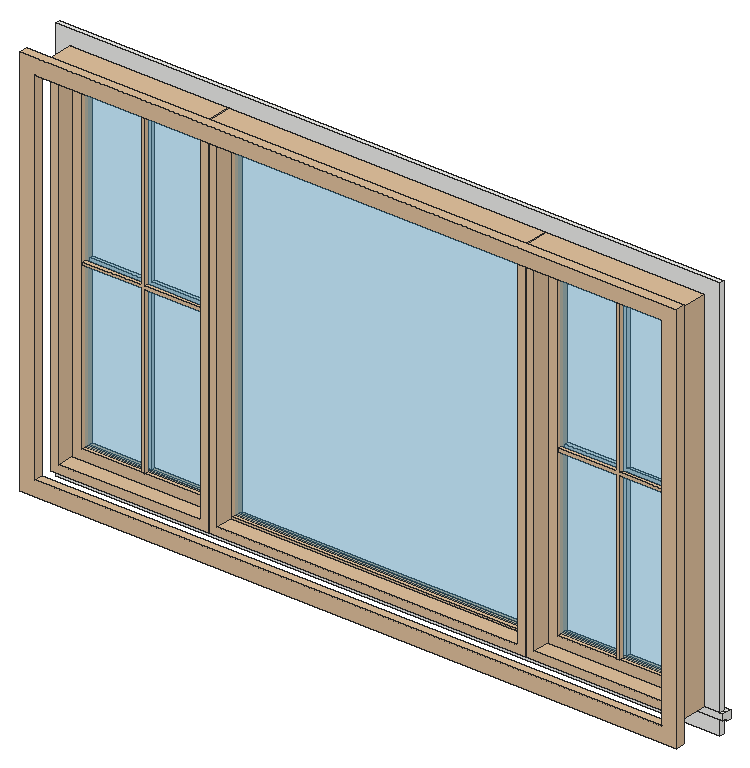
Revit family "Existing Living Room Front Window_Complete", category Windows, host Wall, Revit 2021 (continued)
Definition of nested family "Window-Casement-Single_Right"
  Definition of nested family "Trim-Window-Exterior-Flat"
    Forms (in)
      Extrusion 1, solid
        from 0 to -12
      Extrusion 2, solid, material <- "Trim Material", visible <- "Sill"
        sketch origin (0, 0, 0) x (1, 0, 0) y (0, 1, 0)
          loop
            line (-14.25, -36) -> (-12, -36) -> (-12, 0) -> (12, 0) -> (12, -36) -> (14.25, -36) -> (14.25, 2.25) -> (-14.25, 2.25) -> (-14.25, -36)
        from 0 to 0.75
      Extrusion 3, solid, material <- "Trim Material", visible <- "Sill"
        sketch origin (0, 0, 0) x (0, 1, 0) y (0, 0, 1)
          loop
            line (-36.09677, 1.5) -> (-37.25, 1.5) -> (-37.25, 0.75) -> (-36.87332, 0.75) -> (-36.87332, 0) -> (-36, 0) -> (-36, 0.75) -> (-36.09677, 1.5)
        from -14.75 to 14.75
      Extrusion 4, solid, material <- "Trim Material", visible <- "Sill"
        sketch origin (0, 0, 0) x (1, 0, 0) y (0, 1, 0)
          loop
            line (-14.25, -36.87332) -> (-14.25, -39.12332) -> (14.25, -39.12332) -> (14.25, -36.87332) -> (-14.25, -36.87332)
        from 0 to 0.75
      Extrusion 5, solid, material <- "Trim Material", visible <- "Picture Frame"
        sketch origin (0, 0, 0) x (1, 0, 0) y (0, 1, 0)
          loop
            line (-12, 0) -> (-12, -36) -> (12, -36) -> (12, 0) -> (-12, 0)
          loop
            line (-14.25, 2.25) -> (-14.25, -38.25) -> (14.25, -38.25) -> (14.25, 2.25) -> (-14.25, 2.25)
        from 0 to 1.25
    Dimensions and locks (in)
      equal spacing: plane 5 "Left", plane 3 "Center (Left/Right)", plane 6 "Right"
      "Opening Width": plane 5 "Left" to plane 6 "Right"
      "Opening Height": plane 7 "Bottom" to plane 1 "Center (Front/Back)"
      "Sill Thickness": plane 7 "Bottom" to plane 8
      "Trim Width": plane 11 to plane 5 "Left"
      "Trim Width": plane 6 "Right" to plane 10
      "Trim Width": plane 1 "Center (Front/Back)" to plane 4
      locked: plane 15 to plane 11 at 0.5
      locked: plane 10 to plane 14 at 0.5
      locked: plane 16 to plane 8 at 0.37668
      "Trim Width": plane 9 to plane 16
      "Trim Width": plane 17 to plane 7 "Bottom"
      locked: plane 18 to plane 2 at 0.5
      equal spacing: plane 7 "Bottom", plane 19, plane 1 "Center (Front/Back)"
      locked: plane 20 to plane 12 at 0.75
      "Trim Thickness_with Sill": plane 12 to plane 2
      "Trim Thickness_Picture Frame": plane 13 to plane 2
      aligned and locked: plane 2 to Extrusion 1
      aligned and locked: level to Extrusion 1
      aligned and locked: Extrusion 2 sketch curve to plane 5 "Left"
      aligned and locked: Extrusion 2 sketch curve to plane 11
      aligned and locked: plane 7 "Bottom" to Extrusion 2 sketch curve  (x2)
      aligned and locked: plane 1 "Center (Front/Back)" to Extrusion 2 sketch curve
      aligned and locked: plane 10 to Extrusion 2 sketch curve
      aligned and locked: Extrusion 2 sketch curve to plane 6 "Right"
      aligned and locked: plane 12 to Extrusion 2
      aligned and locked: Extrusion 3 sketch curve to level
      aligned and locked: plane 7 "Bottom" to Extrusion 3 sketch curve
      aligned and locked: Extrusion 3 sketch curve to plane 8
      aligned and locked: plane 15 to Extrusion 3
      aligned and locked: Extrusion 3 to plane 14
      aligned and locked: plane 10 to Extrusion 4 sketch curve
      aligned and locked: Extrusion 4 sketch curve to plane 11
      aligned and locked: plane 16 to Extrusion 4 sketch curve
      aligned and locked: plane 9 to Extrusion 4 sketch curve
      aligned and locked: Extrusion 4 to Extrusion 2
      aligned and locked: Extrusion 2 sketch curve to plane 4
      aligned and locked: plane 1 "Center (Front/Back)" to Extrusion 5 sketch curve
      aligned and locked: Extrusion 5 sketch curve to plane 4
      aligned and locked: Extrusion 5 sketch curve to plane 17
      aligned and locked: plane 7 "Bottom" to Extrusion 5 sketch curve
      aligned and locked: Extrusion 5 sketch curve to plane 6 "Right"
      aligned and locked: plane 10 to Extrusion 5 sketch curve
      aligned and locked: Extrusion 5 sketch curve to plane 5 "Left"
      aligned and locked: Extrusion 5 sketch curve to plane 11
      aligned and locked: plane 13 to Extrusion 5
      aligned and locked: plane 20 to Extrusion 3
    Automatic sketch dimensions
      Extrusion 1 sketch curve to Extrusion 1 sketch curve = 2' - 4 1/2"
      Extrusion 1 sketch curve to Extrusion 1 sketch curve = 3' - 5.37332"
      Extrusion 3 sketch curve to plane 16 = 0' - 0"
      Extrusion 3 sketch curve to plane 12 = 0' - 0"  (x2)
      Extrusion 3 sketch curve to plane 7 "Bottom" = 0' - 0.09677"
      plane 13 to Extrusion 3 sketch curve = 0' - 0 1/4"
  Definition of nested family "Trim-Window-Interior-Flat"
    Parameters (values of type "with Sill")
      Trim Thickness_Picture Frame = 0' - 1 1/4"
      Trim Width = 0' - 2 1/4"
      Trim Thickness_with Sill = 0' - 0 3/4"
      Trim Material [instance] = none
      Sill Thickness = 0' - 1 1/4"
      Sill = yes
      Picture Frame = no
      Opening Width [instance] = 2' - 0"
      Opening Height [instance] = 3' - 0"
      Default Elevation = 4' - 0"
    Types (2): name | Sill | Picture Frame
      with Sill | yes | no
      Picture Frame | no | yes
    Reference planes (in)
      plane 1 "Center (Front/Back)": y = 0
      plane 2: z = 0
      plane 3 "Center (Left/Right)": x = 0
      plane 4: y = 1.75
      plane 5 "Left": x = -12
      plane 6 "Right": x = 12
      plane 7 "Bottom": y = -36
      plane 8: y = -37.25
      plane 9: y = -39.12332
      plane 10: x = 13.75
      plane 11: x = -13.75
      plane 12: z = 0.75
      plane 13: z = 1.25
      plane 14: x = 14.25
      plane 15: x = -14.25
      plane 16: y = -36.87332
      plane 17: y = -37.75
      plane 18: z = 0.5
      plane 19: x = -11.5
      plane 20: y = -0.5
      plane 21: x = 11.5
      plane 22: y = -35.5
      plane 23: x = -13.25
      plane 24: x = 13.25
      plane 25: y = -18
    Forms (in)
      Extrusion 1, solid
        sketch origin (0, 0, 0) x (1, 0, 0) y (0, 1, 0)
          loop
            line (-13.75, 1.75) -> (-13.75, -37.75) -> (13.75, -37.75) -> (13.75, 1.75) -> (-13.75, 1.75)
        from 0 to -12
      Extrusion 2, solid, material <- "Trim Material", visible <- "Sill"
        sketch origin (0, 0, 0) x (1, 0, 0) y (0, 1, 0)
          loop
            line (-13.25, -36) -> (-11.5, -36) -> (-11.5, 0) -> (11.5, 0) -> (11.5, -36) -> (13.25, -36) -> (13.25, 1.75) -> (-13.25, 1.75) -> (-13.25, -36)
        from 0 to 0.75
      Extrusion 3, solid, material <- "Trim Material", visible <- "Sill"
        sketch origin (0, 0, 0) x (0, 1, 0) y (0, 0, 1)
          loop
            line (-36.5, 1.5) -> (-36.87332, 1.5) -> (-36.87332, 0) -> (-36, 0) -> (-36, 1)
            arc (-36, 1) -> (-36.14645, 1.35355) -> (-36.5, 1.5) r 0.5
        from -13.75 to 13.75
      Extrusion 4, solid, material <- "Trim Material", visible <- "Sill"
        sketch origin (0, 0, 0) x (1, 0, 0) y (0, 1, 0)
          loop
            line (-13.25, -36.87332) -> (-13.25, -39.12332) -> (13.25, -39.12332) -> (13.25, -36.87332) -> (-13.25, -36.87332)
        from 0 to 0.75
      Extrusion 5, solid, material <- "Trim Material", visible <- "Picture Frame"
        sketch origin (0, 0, 0) x (1, 0, 0) y (0, 1, 0)
          loop
            line (-11.5, -0.5) -> (-11.5, -35.5) -> (11.5, -35.5) -> (11.5, -0.5) -> (-11.5, -0.5)
          loop
            line (-13.75, 1.75) -> (-13.75, -37.75) -> (13.75, -37.75) -> (13.75, 1.75) -> (-13.75, 1.75)
        from 0 to 1.25
    Dimensions and locks (in)
      equal spacing: plane 5 "Left", plane 3 "Center (Left/Right)", plane 6 "Right"
      "Opening Width": plane 5 "Left" to plane 6 "Right"
      "Opening Height": plane 7 "Bottom" to plane 1 "Center (Front/Back)"
      "Sill Thickness": plane 7 "Bottom" to plane 8
      "Trim Width": plane 11 to plane 19
      "Trim Width": plane 21 to plane 10
      "Trim Width": plane 20 to plane 4
      "Trim Thickness_with Sill": plane 12 to plane 2
      locked: plane 15 to plane 11 at 0.5
      locked: plane 10 to plane 14 at 0.5
      locked: plane 16 to plane 8 at 0.37668
      "Trim Width": plane 9 to plane 16
      "Trim Width": plane 17 to plane 22
      plane 20 to plane 1 "Center (Front/Back)" = 0' - 0 1/2"
      plane 5 "Left" to plane 19 = 0' - 0 1/2"
      plane 21 to plane 6 "Right" = 0' - 0 1/2"
      plane 22 to plane 7 "Bottom" = 0' - 0 1/2"
      locked: plane 11 to plane 23 at 0.5
      locked: plane 24 to plane 10 at 0.5
      equal spacing: plane 7 "Bottom", plane 25, plane 1 "Center (Front/Back)"
      "Trim Thickness_Picture Frame": plane 13 to plane 2
      locked: Extrusion 3 to plane 12 at 0.75
      locked: plane 12 to Extrusion 3 sketch curve at 0.75
      radius of Extrusion 3 sketch curve = 0' - 0 1/2"
      aligned and locked: plane 2 to Extrusion 1
      aligned and locked: level to Extrusion 1
      aligned and locked: plane 7 "Bottom" to Extrusion 2 sketch curve  (x2)
      aligned and locked: plane 1 "Center (Front/Back)" to Extrusion 2 sketch curve
      aligned and locked: plane 12 to Extrusion 2
      aligned and locked: Extrusion 3 sketch curve to level
      aligned and locked: plane 7 "Bottom" to Extrusion 3 sketch curve
      aligned and locked: plane 16 to Extrusion 4 sketch curve
      aligned and locked: plane 9 to Extrusion 4 sketch curve
      aligned and locked: Extrusion 2 sketch curve to plane 4
      aligned and locked: Extrusion 5 sketch curve to plane 4
      aligned and locked: Extrusion 5 sketch curve to plane 17
      aligned and locked: plane 10 to Extrusion 5 sketch curve
      aligned and locked: Extrusion 5 sketch curve to plane 11
      aligned and locked: plane 13 to Extrusion 5
      aligned and locked: Extrusion 5 sketch curve to plane 20
      aligned and locked: Extrusion 5 sketch curve to plane 19
      aligned and locked: Extrusion 5 sketch curve to plane 21
      aligned and locked: plane 22 to Extrusion 5 sketch curve
      aligned and locked: Extrusion 4 to plane 24
      aligned and locked: plane 11 to Extrusion 3
      aligned and locked: Extrusion 3 to plane 10
      aligned and locked: Extrusion 2 sketch curve to plane 21
      aligned and locked: Extrusion 2 sketch curve to plane 24
      aligned and locked: Extrusion 2 sketch curve to plane 19
      aligned and locked: Extrusion 2 sketch curve to plane 23
      aligned and locked: plane 12 to Extrusion 4
    Automatic sketch dimensions
      Extrusion 1 sketch curve to Extrusion 1 sketch curve = 2' - 3 1/2"
      Extrusion 1 sketch curve to Extrusion 1 sketch curve = 3' - 3 1/2"
      Extrusion 3 sketch curve to plane 16 = 0' - 0"
      Extrusion 4 sketch curve to plane 11 = 0' - 0 1/2"
      Extrusion 4 sketch curve to plane 24 = 0' - 0"
  Definition of nested family "Plan-Casement"
    Parameters (values of type "Plan-Casement")
      Window Inset [instance] = 0' - 1"
      Window Inset of 3D [instance] = if(Window Inset - 0' 0 1/2" < 0' 0", 0' 0", if(Window Inset - 0' 0 1/2" < Wall Thickness - 0' 3 1/2", Window Inset - 0' 0 1/2", Wall Thickness - 0' 3 1/2"))  # 0' - 0 1/2"
      Width [instance] = 4' - 0"
      Wall Thickness [instance] = 0' - 6"
      Top Line [instance] = yes
      Right Line [instance] = yes
      RH [instance] = yes
      Left Line [instance] = yes
      LH [instance] = yes
      Height [instance] = 3' - 0"
      Default Elevation = 4' - 0"
      Bottom Line [instance] = yes
      Analytic Construction = "<None>"
    Reference planes (in)
      plane 1 "Center (Front/Back)": y = 0
      plane 2: z = 0
      plane 3 "Center (Left/Right)": x = 0
      plane 4: x = -24
      plane 5: x = 24
      plane 6 "Jamb": y = -4
      plane 7: x = -23.5
      plane 8: x = -22.75
      plane 9: y = -0.5
      plane 10: y = -2.25
      plane 11: y = -1.375
      plane 12: x = -21.25
      plane 13: x = 23.5
      plane 14: x = 22.75
      plane 15: x = 21.25
      plane 16 "Window Inset": y = -1
      plane 17 "Wall": y = -6
      plane 18: z = 36
      plane 19: z = 35.5
      plane 20: z = 0.5
      plane 21: z = 34.75
      plane 22: z = 1.25
      plane 23: z = 33.25
      plane 24: z = 2.75
    Lines and regions (in)
      Masking region 1
        outline origin (0, 0.75, 0) x (1, 0, 0) y (0, 1, 0)
          loop
            line (-24, -0.75) -> (-24, -6.75) -> (24, -6.75) -> (24, -0.75) -> (-24, -0.75)
      Masking region 2
        outline origin (0, 0, 0) x (0, 1, 0) y (0, 0, 1)
          loop
            line (0, 36) -> (-6, 36) -> (-6, 0) -> (0, 0) -> (0, 36)
      symbolic lines
        curve 1: line (-23.5, -2.25, 0) -> (-22.75, -2.25, 0)
        curve 2: line (-22.75, -2.25, 0) -> (-22.75, -4, 0)
        curve 3: line (-23.5, -0.5, 0) -> (-23.5, -2.25, 0)
        curve 4: line (-21.25, -0.5, 0) -> (-21.25, -2.25, 0)
        curve 5: line (-21.25, -2.25, 0) -> (-22.75, -2.25, 0)
        curve 6: line (-21.25, -1.375, 0) -> (21.25, -1.375, 0)
        curve 7: line (23.5, -2.25, 0) -> (22.75, -2.25, 0)
        curve 8: line (22.75, -2.25, 0) -> (22.75, -4, 0)
        curve 9: line (23.5, -0.5, 0) -> (23.5, -2.25, 0)
        curve 10: line (21.25, -0.5, 0) -> (21.25, -2.25, 0)
        curve 11: line (21.25, -2.25, 0) -> (22.75, -2.25, 0)
        curve 14: line (-24, -4, 0) -> (-22.75, -4, 0)
        curve 15: line (22.75, -4, 0) -> (24, -4, 0)
        curve 16: line (22.75, -4, 0) -> (-22.75, -4, 0)
        curve 17: line (0, -0.5, 35.5) -> (0, -2.25, 35.5)
        curve 18: line (0, -2.25, 34.75) -> (0, -4, 34.75)
        curve 19: line (0, -0.5, 0.5) -> (0, -2.25, 0.5)
        curve 20: line (0, -2.25, 0.5) -> (0, -2.25, 2.75)
        curve 21: line (0, -2.25, 1.25) -> (0, -4, 1.25)
        curve 22: line (0, -0.5, 36) -> (0, -0.5, 33.25)
        curve 23: line (0, -0.5, 33.25) -> (0, -2.25, 33.25)
        curve 24: line (0, -2.25, 2.75) -> (0, -0.5, 2.75)
        curve 25: line (0, -1.375, 2.75) -> (0, -1.375, 33.25)
        curve 28: line (0, -2.25, 35.5) -> (0, -2.25, 33.25)
        curve 29: line (21.25, -0.5, 0) -> (24, -0.5, 0)
        curve 30: line (-21.25, -0.5, 0) -> (-24, -0.5, 0)
        curve 31: line (0, -0.5, 2.75) -> (0, -0.5, 0)
        curve 32: line (-21.25, -0.5, 0) -> (21.25, -0.5, 0)
        curve 33: line (0, -0.5, 33.25) -> (0, -0.5, 2.75)
        curve 38: line (0, -4, 1.25) -> (0, -4, 34.75)
        curve 39: line (0, -4, 1.25) -> (0, -4, 0)
        curve 40: line (0, -4, 36) -> (0, -4, 34.75)
      symbolic lines, visible <- "RH"
        curve 12: arc (-23.5, -0.5, 0) -> (-19.92234, 17.48612, 0) -> (-9.73402, 32.73402, 0) r 47
        curve 26: line (23.5, -0.5, 0) -> (-9.73402, 32.73402, 0)
      symbolic lines, visible <- "LH"
        curve 13: line (-23.5, -0.5, 0) -> (9.73402, 32.73402, 0)
        curve 27: arc (23.5, -0.5, 0) -> (19.92234, 17.48612, 0) -> (9.73402, 32.73402, 0) r 47
      symbolic lines, visible <- "Right Line"
        curve 34: line (24, 0, 0) -> (24, -6, 0)
      symbolic lines, visible <- "Left Line"
        curve 35: line (-24, 0, 0) -> (-24, -6, 0)
      symbolic lines, visible <- "Top Line"
        curve 36: line (0, 0, 36) -> (0, -6, 36)
      symbolic lines, visible <- "Bottom Line"
        curve 37: line (0, 0, 0) -> (0, -6, 0)
    Dimensions and locks (in)
      "Width": plane 4 to plane 5
      equal spacing: plane 4, plane 3 "Center (Left/Right)", plane 5
      plane 4 to plane 7 to plane 8 = 0' - 0 1/2" locked, 0' - 0 3/4" locked
      equal spacing: plane 9, plane 11, plane 10
      locked: plane 7 to plane 12 at 2.25
      plane 5 to plane 13 to plane 14 = 0' - 0 1/2" locked, 0' - 0 3/4" locked
      locked: plane 13 to plane 15 at 2.25
      locked: plane 9 to plane 16 "Window Inset" at 0.5
      locked: plane 9 to plane 10 at 1.75
      "Wall Thickness": plane 17 "Wall" to plane 1 "Center (Front/Back)"
      "Height": plane 18 to plane 2
      locked: plane 18 to plane 19 at 0.5
      locked: plane 20 to plane 2 at 0.5
      locked: plane 19 to plane 21 at 0.75
      locked: plane 22 to plane 20 at 0.75
      locked: plane 19 to plane 23 at 2.25
      locked: plane 24 to plane 20 at 2.25
      locked: plane 10 to plane 6 "Jamb" at 1.75
      "Window Inset of 3D": plane 9 to plane 1 "Center (Front/Back)"
      locked: plane 9 to curve 13 (angle 45.00°)
      angle curve 26 to plane 16 "Window Inset" = 45.00°
      aligned and locked: plane 2 to level
      aligned and locked: curve 2 to plane 8
      aligned and locked: curve 1 to plane 10
      aligned and locked: plane 14 to curve 8
      aligned and locked: curve 14 to plane 6 "Jamb"
      aligned and locked: curve 15 to plane 6 "Jamb"
      aligned and locked: plane 21 to curve 18
      aligned and locked: plane 19 to curve 17
      aligned and locked: plane 22 to curve 21
      aligned and locked: plane 10 to curve 20
      aligned and locked: plane 20 to curve 19
      aligned and locked: curve 22 to plane 9
      aligned and locked: plane 23 to curve 23
      aligned and locked: curve 24 to plane 24
      aligned and locked: plane 11 to curve 25
      aligned and locked: plane 13 to curve 27
      aligned and locked: plane 9 to curve 13
      aligned and locked: plane 9 to curve 26
      aligned and locked: plane 5 to curve 29
      aligned and locked: plane 18 to curve 22
      aligned and locked: plane 9 to curve 17
      aligned and locked: plane 9 to curve 19
      aligned and locked: plane 9 to curve 3
      aligned and locked: plane 9 to curve 9
      aligned and locked: curve 28 to plane 10
      aligned and locked: plane 19 to curve 28
      aligned and locked: plane 23 to curve 28
      aligned and locked: plane 4 to curve 30
      aligned and locked: plane 9 to curve 31
      aligned and locked: plane 2 to curve 31
      aligned and locked: curve 32 to plane 9
      aligned and locked: plane 12 to curve 32
      aligned and locked: plane 15 to curve 32
      aligned and locked: plane 24 to curve 33
      aligned and locked: plane 1 "Center (Front/Back)" to curve 34
      aligned and locked: plane 17 "Wall" to curve 34
      aligned and locked: curve 34 to plane 5
      aligned and locked: plane 17 "Wall" to curve 35
      aligned and locked: plane 1 "Center (Front/Back)" to curve 35
      aligned and locked: curve 35 to plane 4
      aligned and locked: plane 17 "Wall" to curve 37
      aligned and locked: plane 1 "Center (Front/Back)" to curve 37
      aligned and locked: curve 37 to plane 2
      aligned and locked: plane 17 "Wall" to curve 36
      aligned and locked: plane 1 "Center (Front/Back)" to curve 36
      aligned and locked: curve 36 to plane 18
      aligned and locked: plane 1 "Center (Front/Back)" to Masking region 1 sketch curve
      aligned and locked: plane 17 "Wall" to Masking region 1 sketch curve
      aligned and locked: plane 4 to Masking region 1 sketch curve
      aligned and locked: Masking region 1 sketch curve to plane 5
      aligned and locked: plane 2 to Masking region 2 sketch curve
      aligned and locked: Masking region 2 sketch curve to plane 18
      aligned and locked: plane 1 "Center (Front/Back)" to Masking region 2 sketch curve
      aligned and locked: plane 17 "Wall" to Masking region 2 sketch curve
      aligned and locked: plane 6 "Jamb" to curve 21
      aligned and locked: plane 6 "Jamb" to curve 18
      aligned and locked: plane 10 to curve 18
      aligned and locked: plane 10 to curve 21
      aligned and locked: plane 22 to curve 39
      aligned and locked: plane 21 to curve 40
      aligned and locked: plane 6 "Jamb" to curve 40
    Automatic sketch dimensions
      curve 3 to plane 7 = 0' - 0"
      curve 27 to plane 7 = 0' - 0"
      curve 12 to plane 13 = 0' - 0"
      curve 7 to plane 10 = 0' - 0"
      curve 6 to plane 11 = 0' - 0"
Definition of nested family "Window-Casement-Single_Left"
  Parameters (values of type "24" x 36"")
    Window Inset [instance] = 0' - 0"
    Wall Thickness [instance] = 0' - 6"
    Visual Light Transmittance = 0.81
    Thermal Resistance (R) = 1.8146 (h·ft²·°F)/BTU
    Solar Heat Gain Coefficient = 0.76
    Rough Width = Width + 0' 0 1/2"  # 2' - 0 1/2"
    Rough Height = Height + 0' 0 1/2"  # 3' - 0 1/2"
    Muntin Visibility = yes
    Muntin Pattern = Muntin Pattern_2x2 : Muntin Pattern_2x2
    Interior Wall Closure [instance] = 0' - 2 1/4"
    Interior Trim Visibility [instance] = yes
    Interior Trim Material = none
    Interior Trim = Trim-Window-Interior-Flat : Picture Frame
    Height = 3' - 0"
    Interior Frame Material = none
    Heat Transfer Coefficient (U) = 0.5511 BTU/(h·ft²·°F)
    Glass Panel Material = none
    Frame Extension [instance] = if(Exterior Trim Visibility, Window Inset + 0' 0 1/4", 0' 0 1/4")  # 0' - 0 1/4"
    Fire Rating = "0.5h"
    Exterior Wall Closure [instance] = 0' - 1 1/4"
    Exterior Trim Visibility [instance] = yes
    Exterior Trim Material = none
    Exterior Trim = Trim-Window-Exterior-Flat : with Sill
    Exterior Frame Material = none
    Extension Jamb Visibility [instance] = and(Interior Trim Visibility, Wall Thickness - Window Inset > 0' 3 3/4")  # yes
    Extension Jamb [instance] = if(Wall Thickness - Window Inset > 0' 3 3/4", Wall Thickness - Window Inset - 0' 3 3/4", 0' 1")  # 0' - 2 1/4"
    Default Sill Height = 3' - 0"
    Wall Closure = (empty or 0)
    Width = 2' - 0"
    Assembly Code = "B2020100"
    Analytic Construction = "Double glazing - domestic"
  Reference planes (in)
    plane 1 "Center (Front/Back)": y = 0
    plane 2: z = 0
    plane 3 "Center (Left/Right)": x = 0
    plane 4 "Left": x = -12
    plane 5 "Right": x = 12
    plane 6 "Sill": z = 36
    plane 7 "Top": z = 72
    plane 8 "Inset Face": y = 3
    plane 9 "Wall Closure": y = -0.75
    plane 10 "Sash Face": y = 3.5
    plane 11 "Exterior": y = 3
    plane 12: x = 11.5
    plane 13: x = -11.5
    plane 14: z = 71.5
    plane 15: z = 36.5
    plane 16: x = 9.25
    plane 17: x = -9.25
    plane 18: z = 69.25
    plane 19: z = 38.75
    plane 20: y = 2.25
    plane 21 "Glass": y = 2.625
    plane 22 "Middle": z = 54
    plane 23: y = 3.75
    plane 24: y = 3.75
    plane 25 "Interior": y = -3
    plane 26 "Jamb": y = -0.75
    plane 27: y = -0.75
    plane 28: y = 1.75
    plane 29: y = 3.75
  Forms (in)
    Sweep 1, solid, material <- "Interior Frame Material"
      path origin (0, 3.5, 0) x (-1, 0, 0) y (0, 0, 1)
        loop
          line (-12, 36) -> (12, 36) -> (12, 72) -> (-12, 72) -> (-12, 36)
      profile origin (12, 3.5, 54) x (1, 0, 0) y (0, 1, 0)
        loop
          line (0, 0.25) -> (-0.5, 0.25) -> (-0.5, -1.75) -> (-1.25, -1.75) -> (-1.25, -4.25) -> (0, -4.25) -> (0, 0.25)
    Extrusion 2, solid, material <- "Interior Frame Material", visible <- "Extension Jamb Visibility"
      sketch origin (0, 0, 0) x (1, 0, 0) y (0, 0, 1)
        loop
          line (12, 72) -> (-12, 72) -> (-12, 36) -> (12, 36) -> (12, 72)
        loop
          line (11.25, 36.75) -> (11.25, 71.25) -> (-11.25, 71.25) -> (-11.25, 36.75) -> (11.25, 36.75)
      from 0.75 to 3
    Sweep 3, solid, material <- "Interior Frame Material"
      path origin (0, 3.5, 0) x (-1, 0, 0) y (0, 0, 1)
        loop
          line (-11.5, 36.5) -> (11.5, 36.5) -> (11.5, 71.5) -> (-11.5, 71.5) -> (-11.5, 36.5)
      profile origin (11.5, 3.5, 54) x (1, 0, 0) y (0, 1, 0)
        loop
          line (0, 0) -> (-2.25, 0) -> (-2.25, -1.75) -> (0, -1.75) -> (0, 0)
    Extrusion 4, solid
      sketch origin (-27.625, 0, 36) x (0, -1, 0) y (1, 0, 0)
        loop
          line (-3, 18.375) -> (-2.75, 18.375) -> (-2.75, 36.875) -> (-3, 36.875) -> (-3, 18.375)
        loop
          line (-2.25, 36.875) -> (-2.5, 36.875) -> (-2.5, 18.375) -> (-2.25, 18.375) -> (-2.25, 36.875)
      from 2.75 to 33.25
  Lines and regions (in)
    Opening 1
      outline origin (-60, -3, 0) x (1, 0, 0) y (0, 0, 1)
        loop
          line (48, 72) -> (48, 36) -> (72, 36) -> (72, 72) -> (48, 72)
    Split face 1
      outline origin (-9.25, 1.75, 38.75) x (1, 0, 0) y (0, 1, 0)
        loop
          line (0, 1.25) -> (18.5, 1.25)
    Split face 2
      outline origin (9.25, 1.75, 38.75) x (0, 0, 1) y (0, 1, 0)
        loop
          line (30.5, 1.25) -> (0, 1.25)
    Split face 3
      outline origin (-9.25, 1.75, 69.25) x (0, 0, -1) y (0, 1, 0)
        loop
          line (30.5, 1.25) -> (0, 1.25)
    Split face 4
      outline origin (9.25, 1.75, 69.25) x (0, 1, 0) y (-1, 0, 0)
        loop
          line (1.25, 18.5) -> (1.25, 0)
    symbolic lines
      curve 1: line (-11.5, 0, 54) -> (11.5, 0, 36.5)
      curve 2: line (-11.5, 0, 54) -> (11.5, 0, 71.5)
  Text (in)
    text "EXTERIOR" at (-58.6888, 50.90694, 0), in view "Ref. Level"
    text "INTERIOR" at (-58.6888, -37.76638, 0), in view "Ref. Level"
    text "Exterior" at (0, 43.65631, 123.19604), in view "Left"
    text "Exterior" at (0, 18.29385, 125.04747), in view "Right"
  Dimensions and locks (in)
    equal spacing: plane 4 "Left", plane 3 "Center (Left/Right)", plane 5 "Right"
    "Width": plane 4 "Left" to plane 5 "Right"
    "Height": plane 6 "Sill" to plane 7 "Top"
    "Default Sill Height": plane 2 to plane 6 "Sill"
    locked: plane 10 "Sash Face" to plane 8 "Inset Face" at 0.5
    "Wall Thickness": host wall to host wall
    "Window Inset": plane 11 "Exterior" to plane 8 "Inset Face"
    locked: Sweep 1 sketch curve to plane 5 "Right" at 1.25
    locked: Sweep 1 sketch curve to plane 5 "Right" at 0.5
    locked: plane 10 "Sash Face" to Sweep 1 sketch curve at 1.75
    locked: plane 12 to plane 5 "Right" at 0.5
    locked: plane 4 "Left" to plane 13 at 0.5
    locked: plane 14 to plane 7 "Top" at 0.5
    locked: plane 6 "Sill" to plane 15 at 0.5
    locked: plane 16 to plane 12 at 2.25
    locked: plane 13 to plane 17 at 2.25
    locked: plane 18 to plane 14 at 2.25
    locked: plane 15 to plane 19 at 2.25
    locked: Extrusion 2 sketch curve to plane 7 "Top" at 0.75
    locked: Extrusion 2 sketch curve to plane 5 "Right" at 0.75
    locked: Extrusion 2 sketch curve to plane 4 "Left" at 0.75
    locked: plane 6 "Sill" to Extrusion 2 sketch curve at 0.75
    equal spacing: plane 8 "Inset Face", plane 21 "Glass", plane 20
    locked: plane 8 "Inset Face" to plane 20 at 0.75
    equal spacing: plane 6 "Sill", plane 22 "Middle", plane 7 "Top"
    locked: plane 23 to plane 11 "Exterior" at 0.75
    locked: plane 24 to plane 10 "Sash Face" at 0.25
    "Extension Jamb": plane 26 "Jamb" to plane 25 "Interior"
    locked: plane 8 "Inset Face" to plane 9 "Wall Closure" at 3.75
    "Interior Wall Closure": plane 27 to plane 25 "Interior"
    "Exterior Wall Closure": plane 11 "Exterior" to plane 28
    "Frame Extension": plane 29 to plane 10 "Sash Face"
    aligned and locked: plane 7 "Top" to Opening 1 sketch curve
    aligned and locked: plane 6 "Sill" to Opening 1 sketch curve  (x2)
    aligned and locked: plane 5 "Right" to Opening 1 sketch curve
    aligned and locked: plane 4 "Left" to Opening 1 sketch curve
    aligned and locked: level to plane 2
    aligned and locked: host wall to plane 11 "Exterior"
    aligned and locked: plane 5 "Right" to Sweep 1 sketch curve
    aligned and locked: plane 7 "Top" to Sweep 1 sketch curve
    aligned and locked: Sweep 1 sketch curve to plane 4 "Left"
    aligned and locked: Sweep 1 sketch curve to plane 6 "Sill"
    aligned and locked: Extrusion 2 sketch curve to host wall  (x3)
    aligned and locked: plane 7 "Top" to Extrusion 2 sketch curve
    aligned and locked: host wall to Extrusion 2
    aligned and locked: plane 15 to Sweep 3 sketch curve
    aligned and locked: Sweep 3 sketch curve to plane 13
    aligned and locked: Sweep 3 sketch curve to plane 14
    aligned and locked: Extrusion 4 sketch curve to plane 8 "Inset Face"
    aligned and locked: plane 20 to Extrusion 4 sketch curve
    aligned and locked: Sweep 3 to Extrusion 4 sketch curve  (x2)
    aligned and locked: Extrusion 4 sketch curve to plane 17  (x2)
    aligned and locked: plane 15 to curve 1
    aligned and locked: plane 18 to Extrusion 4
    aligned and locked: Split face 1 sketch curve to Extrusion 4
    aligned and locked: plane 8 "Inset Face" to Split face 2 sketch curve
    aligned and locked: Split face 3 sketch curve to plane 8 "Inset Face"
    aligned and locked: Split face 4 sketch curve to plane 8 "Inset Face"
    aligned and locked: plane 25 "Interior" to host wall
    aligned and locked: plane 26 "Jamb" to Extrusion 2
    aligned and locked: plane 9 "Wall Closure" to Sweep 1
    aligned and locked: nested 1 to plane 4 "Left"
    aligned and locked: plane 11 "Exterior" to nested 1
    aligned and locked: plane 12 to Sweep 3 sketch curve
    aligned and locked: Sweep 1 to curve 1
    aligned and locked: plane 22 "Middle" to curve 2
    aligned and locked: plane 13 to curve 2
    aligned and locked: nested 1 to plane 7 "Top"
    aligned and locked: nested 2 to plane 21 "Glass"
    aligned and locked: plane 19 to nested 2
    aligned and locked: plane 18 to nested 2
    aligned and locked: nested 2 to plane 16
    aligned and locked: nested 2 to plane 17
    aligned and locked: plane 7 "Top" to nested 3
    aligned and locked: nested 3 to plane 3 "Center (Left/Right)"
    aligned and locked: plane 7 "Top" to nested 4
    aligned and locked: plane 3 "Center (Left/Right)" to nested 4
    aligned and locked: plane 29 to Sweep 1 sketch curve
  Automatic sketch dimensions
    Sweep 1 sketch curve to profile plane = 0' - 0"
    Sweep 1 sketch curve to Sweep 1 sketch curve = 0' - 2 1/2"
    Sweep 3 sketch curve to plane 10 "Sash Face" = 0' - 0"
    Sweep 3 sketch curve to profile plane = 0' - 0"
    profile plane to Sweep 3 sketch curve = 0' - 2 1/4"
    Sweep 3 sketch curve to plane 10 "Sash Face" = 0' - 1 3/4"
    plane 21 "Glass" to Extrusion 4 sketch curve = 0' - 0 1/8"
    Extrusion 4 sketch curve to plane 21 "Glass" = 0' - 0 1/8"
    plane 12 to curve 2 = 0' - 0"
    curve 2 to plane 14 = 0' - 0"
    Split face 1 sketch curve to Sweep 3 = 0' - 0"  (x2)
    Split face 2 sketch curve to Sweep 3 = 0' - 0"
    Sweep 3 to Split face 2 sketch curve = 0' - 0"
    Sweep 3 to Split face 3 sketch curve = 0' - 0"
    Split face 3 sketch curve to Sweep 3 = 0' - 0"
    Split face 4 sketch curve to Sweep 3 = 0' - 0"  (x2)
  Nested families (in)
    nested 1: "Plan-Casement" at (0, 3, 36) x (-1, 0, 0) z (0, 0, 1), Width <- "Width", Window Inset <- "Window Inset", Height <- "Height", Wall Thickness <- "Wall Thickness", type "Plan-Casement"
      with Window Inset of 3D 0' - 0", Window Inset 0' - 0", Width 2' - 0", Wall Thickness 0' - 6", Top Line yes, Right Line yes, RH no, Left Line yes, LH yes, Height 3' - 0", Bottom Line yes
    nested 2: "Muntin Pattern_2x2" at (0, 2.625, 38.75), visible <- "Muntin Visibility", Exterior Material <- "Exterior Frame Material", Interior Material <- "Interior Frame Material", type <- "Muntin Pattern", type "Muntin Pattern_2x2"
      with Width 1' - 6 1/2", Interior Material none, Height 2' - 6 1/2", Exterior Material none
    nested 3: "Trim-Window-Exterior-Flat" at (0, 3, 72) x (-1, 0, 0) z (0, 1, 0), visible <- "Exterior Trim Visibility", Trim Material <- "Exterior Trim Material", Opening Width <- "Width", Opening Height <- "Height", type <- "Exterior Trim", type "with Sill"
      with Trim Material none, Opening Width 2' - 0", Opening Height 3' - 0"
    nested 4: "Trim-Window-Interior-Flat" at (0, -3, 72) x (1, 0, 0) z (0, -1, 0), visible <- "Interior Trim Visibility", Trim Material <- "Interior Trim Material", Opening Width <- "Width", Opening Height <- "Height", type <- "Interior Trim", type "Picture Frame"
      with Trim Material none, Opening Width 2' - 0", Opening Height 3' - 0"
  Definition of nested family "Muntin Pattern_2x2"
    Parameters (values of type "Muntin Pattern_2x2")
      Width [instance] = 4' - 0"
      Thickness = 0' - 0 1/2"
      Height [instance] = 4' - 0"
      Interior Material [instance] = none
      Exterior Material [instance] = none
      Distance = 0' - 0 3/4"
      Default Elevation = 0' - 0"
    Reference planes (in)
      plane 1 "Center (Front/Back)": y = 0
      plane 2: z = 0
      plane 3 "Center (Left/Right)": x = 0
      plane 4: z = 48
      plane 5: x = -24
      plane 6: x = 24
      plane 7: z = 24
      plane 8: y = 0.375
      plane 9: y = 0.875
      plane 10: y = -0.375
      plane 11: y = -0.875
    Forms (in)
      Extrusion 1, solid, material <- "Interior Material", detail levels fine
        sketch origin (0, 0, 0) x (1, 0, 0) y (0, 0, 1)
          loop
            line (-24, 24.25) -> (-24, 23.75) -> (-0.25, 23.75) -> (-0.25, 0) -> (0.25, 0) -> (0.25, 23.75) -> (24, 23.75) -> (24, 24.25) -> (0.25, 24.25) -> (0.25, 48) -> (-0.25, 48) -> (-0.25, 24.25) -> (-24, 24.25)
        from 0.375 to 0.875
      Extrusion 2, solid, material <- "Exterior Material", detail levels fine
        sketch origin (0, 0, 0) x (1, 0, 0) y (0, 0, -1)
          loop
            line (-24, -24.25) -> (-0.25, -24.25) -> (-0.25, -48) -> (0.25, -48) -> (0.25, -24.25) -> (24, -24.25) -> (24, -23.75) -> (0.25, -23.75) -> (0.25, 0) -> (-0.25, 0) -> (-0.25, -23.75) -> (-24, -23.75) -> (-24, -24.25)
        from 0.375 to 0.875
    Lines and regions (in)
      model lines, detail levels medium
        curve 1: line (0, 0.375, 48) -> (0, 0.375, 0)
        curve 2: line (-24, -0.375, 24) -> (24, -0.375, 24)
        curve 3: line (-24, 0.375, 24) -> (24, 0.375, 24)
        curve 4: line (0, -0.375, 48) -> (0, -0.375, 0)
    Dimensions and locks (in)
      equal spacing: plane 6, plane 3 "Center (Left/Right)", plane 5
      "Width": plane 6 to plane 5
      "Height": plane 4 to plane 2
      equal spacing: plane 4, plane 7, plane 2
      locked: plane 3 "Center (Left/Right)" to Extrusion 1 sketch curve at 0.25  (x4)
      locked: Extrusion 1 sketch curve to plane 7 at 0.25  (x2)
      locked: plane 7 to Extrusion 1 sketch curve at 0.25  (x2)
      "Thickness": plane 9 to plane 8
      "Thickness": plane 10 to plane 11
      "Distance": plane 8 to plane 10
      equal spacing: plane 8, plane 1 "Center (Front/Back)", plane 10
      aligned and locked: plane 2 to level
      aligned and locked: plane 4 to curve 1
      aligned and locked: plane 5 to curve 2
      aligned and locked: plane 2 to curve 1
      aligned and locked: plane 6 to curve 2
      aligned and locked: Extrusion 1 sketch curve to plane 4
      aligned and locked: Extrusion 1 sketch curve to plane 6
      aligned and locked: Extrusion 1 sketch curve to plane 5
      aligned and locked: Extrusion 1 sketch curve to level
      aligned and locked: Extrusion 1 to plane 11
      aligned and locked: plane 10 to Extrusion 1
      aligned and locked: Extrusion 2 to plane 5
      aligned and locked: plane 6 to Extrusion 2
      aligned and locked: Extrusion 2 to plane 8
      aligned and locked: plane 9 to Extrusion 2
      aligned and locked: Extrusion 2 to plane 2
      aligned and locked: plane 4 to Extrusion 2
      aligned and locked: plane 5 to curve 3
      aligned and locked: plane 6 to curve 3
      aligned and locked: plane 4 to curve 4
      aligned and locked: plane 2 to curve 4
      aligned and locked: plane 8 to curve 3
    Automatic sketch dimensions
      curve 2 to plane 7 = 0' - 0"
      Extrusion 2 sketch curve to plane 5 = 0' - 0"
      Extrusion 2 sketch curve to level = 0' - 0"
      Extrusion 2 sketch curve to plane 4 = 0' - 0"
      Extrusion 2 sketch curve to plane 6 = 0' - 0"
      Extrusion 2 sketch curve to plane 3 "Center (Left/Right)" = 0' - 0 1/4"  (x2)
      plane 3 "Center (Left/Right)" to Extrusion 2 sketch curve = 0' - 0 1/4"  (x2)
      plane 7 to Extrusion 2 sketch curve = 0' - 0 1/4"  (x2)
      Extrusion 2 sketch curve to plane 7 = 0' - 0 1/4"  (x2)
      curve 4 to plane 3 "Center (Left/Right)" = 0' - 0"
      curve 4 to level = 0' - 0"
      curve 4 to plane 4 = 0' - 0"
      curve 3 to plane 6 = 0' - 0"
      curve 1 to plane 3 "Center (Left/Right)" = 0' - 0"
      curve 3 to plane 5 = 0' - 0"
      curve 3 to plane 7 = 0' - 0"
  Definition of nested family "Trim-Window-Exterior-Flat"
    Parameters (values of type "with Sill")
      Trim Width = 0' - 2 1/4"
      Trim Thickness_Picture Frame = 0' - 1 1/4"
      Trim Thickness_with Sill = 0' - 0 3/4"
      Trim Material [instance] = none
      Sill Thickness = 0' - 1 1/4"
      Sill = yes
      Picture Frame = no
      Opening Width [instance] = 2' - 0"
      Opening Height [instance] = 3' - 0"
      Default Elevation = 4' - 0"
    Types (2): name | Sill | Picture Frame
      with Sill | yes | no
      Picture Frame | no | yes
    Reference planes (in)
      plane 1 "Center (Front/Back)": y = 0
      plane 2: z = 0
      plane 3 "Center (Left/Right)": x = 0
      plane 4: y = 2.25
      plane 5 "Left": x = -12
      plane 6 "Right": x = 12
      plane 7 "Bottom": y = -36
      plane 8: y = -37.25
      plane 9: y = -39.12332
      plane 10: x = 14.25
      plane 11: x = -14.25
      plane 12: z = 0.75
      plane 13: z = 1.25
      plane 14: x = 14.75
      plane 15: x = -14.75
      plane 16: y = -36.87332
      plane 17: y = -38.25
      plane 18: z = 0.5
      plane 19: y = -18
      plane 20: z = 1.5
    Forms (in)
      Extrusion 1, solid
        sketch origin (0, 0, 0) x (1, 0, 0) y (0, 1, 0)
          loop
            line (-14.25, 2.25) -> (-14.25, -39.12332) -> (14.25, -39.12332) -> (14.25, 2.25) -> (-14.25, 2.25)
        from 0 to -12
      Extrusion 2, solid, material <- "Trim Material", visible <- "Sill"
        sketch origin (0, 0, 0) x (1, 0, 0) y (0, 1, 0)
          loop
            line (-14.25, -36) -> (-12, -36) -> (-12, 0) -> (12, 0) -> (12, -36) -> (14.25, -36) -> (14.25, 2.25) -> (-14.25, 2.25) -> (-14.25, -36)
        from 0 to 0.75
      Extrusion 3, solid, material <- "Trim Material", visible <- "Sill"
        sketch origin (0, 0, 0) x (0, 1, 0) y (0, 0, 1)
          loop
            line (-36.09677, 1.5) -> (-37.25, 1.5) -> (-37.25, 0.75) -> (-36.87332, 0.75) -> (-36.87332, 0) -> (-36, 0) -> (-36, 0.75) -> (-36.09677, 1.5)
        from -14.75 to 14.75
      Extrusion 4, solid, material <- "Trim Material", visible <- "Sill"
        sketch origin (0, 0, 0) x (1, 0, 0) y (0, 1, 0)
          loop
            line (-14.25, -36.87332) -> (-14.25, -39.12332) -> (14.25, -39.12332) -> (14.25, -36.87332) -> (-14.25, -36.87332)
        from 0 to 0.75
      Extrusion 5, solid, material <- "Trim Material", visible <- "Picture Frame"
        sketch origin (0, 0, 0) x (1, 0, 0) y (0, 1, 0)
          loop
            line (-12, 0) -> (-12, -36) -> (12, -36) -> (12, 0) -> (-12, 0)
          loop
            line (-14.25, 2.25) -> (-14.25, -38.25) -> (14.25, -38.25) -> (14.25, 2.25) -> (-14.25, 2.25)
        from 0 to 1.25
    Dimensions and locks (in)
      equal spacing: plane 5 "Left", plane 3 "Center (Left/Right)", plane 6 "Right"
      "Opening Width": plane 5 "Left" to plane 6 "Right"
      "Opening Height": plane 7 "Bottom" to plane 1 "Center (Front/Back)"
      "Sill Thickness": plane 7 "Bottom" to plane 8
      "Trim Width": plane 11 to plane 5 "Left"
      "Trim Width": plane 6 "Right" to plane 10
      "Trim Width": plane 1 "Center (Front/Back)" to plane 4
      locked: plane 15 to plane 11 at 0.5
      locked: plane 10 to plane 14 at 0.5
      locked: plane 16 to plane 8 at 0.37668
      "Trim Width": plane 9 to plane 16
      "Trim Width": plane 17 to plane 7 "Bottom"
      locked: plane 18 to plane 2 at 0.5
      equal spacing: plane 7 "Bottom", plane 19, plane 1 "Center (Front/Back)"
      locked: plane 20 to plane 12 at 0.75
      "Trim Thickness_with Sill": plane 12 to plane 2
      "Trim Thickness_Picture Frame": plane 13 to plane 2
      aligned and locked: plane 2 to Extrusion 1
      aligned and locked: level to Extrusion 1
      aligned and locked: Extrusion 2 sketch curve to plane 5 "Left"
      aligned and locked: Extrusion 2 sketch curve to plane 11
      aligned and locked: plane 7 "Bottom" to Extrusion 2 sketch curve  (x2)
      aligned and locked: plane 1 "Center (Front/Back)" to Extrusion 2 sketch curve
      aligned and locked: plane 10 to Extrusion 2 sketch curve
      aligned and locked: Extrusion 2 sketch curve to plane 6 "Right"
      aligned and locked: plane 12 to Extrusion 2
      aligned and locked: Extrusion 3 sketch curve to level
      aligned and locked: plane 7 "Bottom" to Extrusion 3 sketch curve
      aligned and locked: Extrusion 3 sketch curve to plane 8
      aligned and locked: plane 15 to Extrusion 3
      aligned and locked: Extrusion 3 to plane 14
      aligned and locked: plane 10 to Extrusion 4 sketch curve
      aligned and locked: Extrusion 4 sketch curve to plane 11
      aligned and locked: plane 16 to Extrusion 4 sketch curve
      aligned and locked: plane 9 to Extrusion 4 sketch curve
      aligned and locked: Extrusion 4 to Extrusion 2
      aligned and locked: Extrusion 2 sketch curve to plane 4
      aligned and locked: plane 1 "Center (Front/Back)" to Extrusion 5 sketch curve
      aligned and locked: Extrusion 5 sketch curve to plane 4
      aligned and locked: Extrusion 5 sketch curve to plane 17
      aligned and locked: plane 7 "Bottom" to Extrusion 5 sketch curve
      aligned and locked: Extrusion 5 sketch curve to plane 6 "Right"
      aligned and locked: plane 10 to Extrusion 5 sketch curve
      aligned and locked: Extrusion 5 sketch curve to plane 5 "Left"
      aligned and locked: Extrusion 5 sketch curve to plane 11
      aligned and locked: plane 13 to Extrusion 5
      aligned and locked: plane 20 to Extrusion 3
    Automatic sketch dimensions
      Extrusion 1 sketch curve to Extrusion 1 sketch curve = 2' - 4 1/2"
      Extrusion 1 sketch curve to Extrusion 1 sketch curve = 3' - 5.37332"
      Extrusion 3 sketch curve to plane 16 = 0' - 0"
      Extrusion 3 sketch curve to plane 12 = 0' - 0"  (x2)
      Extrusion 3 sketch curve to plane 7 "Bottom" = 0' - 0.09677"
      plane 13 to Extrusion 3 sketch curve = 0' - 0 1/4"
  Definition of nested family "Trim-Window-Interior-Flat"
    Parameters (values of type "with Sill")
      Trim Thickness_Picture Frame = 0' - 1 1/4"
      Trim Width = 0' - 2 1/4"
      Trim Thickness_with Sill = 0' - 0 3/4"
      Trim Material [instance] = none
      Sill Thickness = 0' - 1 1/4"
      Sill = yes
      Picture Frame = no
      Opening Width [instance] = 2' - 0"
      Opening Height [instance] = 3' - 0"
      Default Elevation = 4' - 0"
    Types (2): name | Sill | Picture Frame
      with Sill | yes | no
      Picture Frame | no | yes
    Reference planes (in)
      plane 1 "Center (Front/Back)": y = 0
      plane 2: z = 0
      plane 3 "Center (Left/Right)": x = 0
      plane 4: y = 1.75
      plane 5 "Left": x = -12
      plane 6 "Right": x = 12
      plane 7 "Bottom": y = -36
      plane 8: y = -37.25
      plane 9: y = -39.12332
      plane 10: x = 13.75
      plane 11: x = -13.75
      plane 12: z = 0.75
      plane 13: z = 1.25
      plane 14: x = 14.25
      plane 15: x = -14.25
      plane 16: y = -36.87332
      plane 17: y = -37.75
      plane 18: z = 0.5
      plane 19: x = -11.5
      plane 20: y = -0.5
      plane 21: x = 11.5
      plane 22: y = -35.5
      plane 23: x = -13.25
      plane 24: x = 13.25
      plane 25: y = -18
    Forms (in)
      Extrusion 1, solid
        sketch origin (0, 0, 0) x (1, 0, 0) y (0, 1, 0)
          loop
            line (-13.75, 1.75) -> (-13.75, -37.75) -> (13.75, -37.75) -> (13.75, 1.75) -> (-13.75, 1.75)
        from 0 to -12
      Extrusion 2, solid, material <- "Trim Material", visible <- "Sill"
        sketch origin (0, 0, 0) x (1, 0, 0) y (0, 1, 0)
          loop
            line (-13.25, -36) -> (-11.5, -36) -> (-11.5, 0) -> (11.5, 0) -> (11.5, -36) -> (13.25, -36) -> (13.25, 1.75) -> (-13.25, 1.75) -> (-13.25, -36)
        from 0 to 0.75
      Extrusion 3, solid, material <- "Trim Material", visible <- "Sill"
        sketch origin (0, 0, 0) x (0, 1, 0) y (0, 0, 1)
          loop
            line (-36.5, 1.5) -> (-36.87332, 1.5) -> (-36.87332, 0) -> (-36, 0) -> (-36, 1)
            arc (-36, 1) -> (-36.14645, 1.35355) -> (-36.5, 1.5) r 0.5
        from -13.75 to 13.75
      Extrusion 4, solid, material <- "Trim Material", visible <- "Sill"
        sketch origin (0, 0, 0) x (1, 0, 0) y (0, 1, 0)
          loop
            line (-13.25, -36.87332) -> (-13.25, -39.12332) -> (13.25, -39.12332) -> (13.25, -36.87332) -> (-13.25, -36.87332)
        from 0 to 0.75
      Extrusion 5, solid, material <- "Trim Material", visible <- "Picture Frame"
        sketch origin (0, 0, 0) x (1, 0, 0) y (0, 1, 0)
          loop
            line (-11.5, -0.5) -> (-11.5, -35.5) -> (11.5, -35.5) -> (11.5, -0.5) -> (-11.5, -0.5)
          loop
            line (-13.75, 1.75) -> (-13.75, -37.75) -> (13.75, -37.75) -> (13.75, 1.75) -> (-13.75, 1.75)
        from 0 to 1.25
    Dimensions and locks (in)
      equal spacing: plane 5 "Left", plane 3 "Center (Left/Right)", plane 6 "Right"
      "Opening Width": plane 5 "Left" to plane 6 "Right"
      "Opening Height": plane 7 "Bottom" to plane 1 "Center (Front/Back)"
      "Sill Thickness": plane 7 "Bottom" to plane 8
      "Trim Width": plane 11 to plane 19
      "Trim Width": plane 21 to plane 10
      "Trim Width": plane 20 to plane 4
      "Trim Thickness_with Sill": plane 12 to plane 2
      locked: plane 15 to plane 11 at 0.5
      locked: plane 10 to plane 14 at 0.5
      locked: plane 16 to plane 8 at 0.37668
      "Trim Width": plane 9 to plane 16
      "Trim Width": plane 17 to plane 22
      plane 20 to plane 1 "Center (Front/Back)" = 0' - 0 1/2"
      plane 5 "Left" to plane 19 = 0' - 0 1/2"
      plane 21 to plane 6 "Right" = 0' - 0 1/2"
      plane 22 to plane 7 "Bottom" = 0' - 0 1/2"
      locked: plane 11 to plane 23 at 0.5
      locked: plane 24 to plane 10 at 0.5
      equal spacing: plane 7 "Bottom", plane 25, plane 1 "Center (Front/Back)"
      "Trim Thickness_Picture Frame": plane 13 to plane 2
      locked: Extrusion 3 to plane 12 at 0.75
      locked: plane 12 to Extrusion 3 sketch curve at 0.75
      radius of Extrusion 3 sketch curve = 0' - 0 1/2"
      aligned and locked: plane 2 to Extrusion 1
      aligned and locked: level to Extrusion 1
      aligned and locked: plane 7 "Bottom" to Extrusion 2 sketch curve  (x2)
      aligned and locked: plane 1 "Center (Front/Back)" to Extrusion 2 sketch curve
      aligned and locked: plane 12 to Extrusion 2
      aligned and locked: Extrusion 3 sketch curve to level
      aligned and locked: plane 7 "Bottom" to Extrusion 3 sketch curve
      aligned and locked: plane 16 to Extrusion 4 sketch curve
      aligned and locked: plane 9 to Extrusion 4 sketch curve
      aligned and locked: Extrusion 2 sketch curve to plane 4
      aligned and locked: Extrusion 5 sketch curve to plane 4
      aligned and locked: Extrusion 5 sketch curve to plane 17
      aligned and locked: plane 10 to Extrusion 5 sketch curve
      aligned and locked: Extrusion 5 sketch curve to plane 11
      aligned and locked: plane 13 to Extrusion 5
      aligned and locked: Extrusion 5 sketch curve to plane 20
      aligned and locked: Extrusion 5 sketch curve to plane 19
      aligned and locked: Extrusion 5 sketch curve to plane 21
      aligned and locked: plane 22 to Extrusion 5 sketch curve
      aligned and locked: Extrusion 4 to plane 24
      aligned and locked: plane 11 to Extrusion 3
      aligned and locked: Extrusion 3 to plane 10
      aligned and locked: Extrusion 2 sketch curve to plane 21
      aligned and locked: Extrusion 2 sketch curve to plane 24
      aligned and locked: Extrusion 2 sketch curve to plane 19
      aligned and locked: Extrusion 2 sketch curve to plane 23
      aligned and locked: plane 12 to Extrusion 4
    Automatic sketch dimensions
      Extrusion 1 sketch curve to Extrusion 1 sketch curve = 2' - 3 1/2"
      Extrusion 1 sketch curve to Extrusion 1 sketch curve = 3' - 3 1/2"
      Extrusion 3 sketch curve to plane 16 = 0' - 0"
      Extrusion 4 sketch curve to plane 11 = 0' - 0 1/2"
      Extrusion 4 sketch curve to plane 24 = 0' - 0"
  Definition of nested family "Plan-Casement"
    Parameters (values of type "Plan-Casement")
      Window Inset [instance] = 0' - 1"
      Window Inset of 3D [instance] = if(Window Inset - 0' 0 1/2" < 0' 0", 0' 0", if(Window Inset - 0' 0 1/2" < Wall Thickness - 0' 3 1/2", Window Inset - 0' 0 1/2", Wall Thickness - 0' 3 1/2"))  # 0' - 0 1/2"
      Width [instance] = 4' - 0"
      Wall Thickness [instance] = 0' - 6"
      Top Line [instance] = yes
      Right Line [instance] = yes
      RH [instance] = yes
      Left Line [instance] = yes
      LH [instance] = yes
      Height [instance] = 3' - 0"
      Default Elevation = 4' - 0"
      Bottom Line [instance] = yes
      Analytic Construction = "<None>"
    Reference planes (in)
      plane 1 "Center (Front/Back)": y = 0
      plane 2: z = 0
      plane 3 "Center (Left/Right)": x = 0
      plane 4: x = -24
      plane 5: x = 24
      plane 6 "Jamb": y = -4
      plane 7: x = -23.5
      plane 8: x = -22.75
      plane 9: y = -0.5
      plane 10: y = -2.25
      plane 11: y = -1.375
      plane 12: x = -21.25
      plane 13: x = 23.5
      plane 14: x = 22.75
      plane 15: x = 21.25
      plane 16 "Window Inset": y = -1
      plane 17 "Wall": y = -6
      plane 18: z = 36
      plane 19: z = 35.5
      plane 20: z = 0.5
      plane 21: z = 34.75
      plane 22: z = 1.25
      plane 23: z = 33.25
      plane 24: z = 2.75
    Lines and regions (in)
      Masking region 1
        outline origin (0, 0.75, 0) x (1, 0, 0) y (0, 1, 0)
          loop
            line (-24, -0.75) -> (-24, -6.75) -> (24, -6.75) -> (24, -0.75) -> (-24, -0.75)
      Masking region 2
        outline origin (0, 0, 0) x (0, 1, 0) y (0, 0, 1)
          loop
            line (0, 36) -> (-6, 36) -> (-6, 0) -> (0, 0) -> (0, 36)
      symbolic lines
        curve 1: line (-23.5, -2.25, 0) -> (-22.75, -2.25, 0)
        curve 2: line (-22.75, -2.25, 0) -> (-22.75, -4, 0)
        curve 3: line (-23.5, -0.5, 0) -> (-23.5, -2.25, 0)
        curve 4: line (-21.25, -0.5, 0) -> (-21.25, -2.25, 0)
        curve 5: line (-21.25, -2.25, 0) -> (-22.75, -2.25, 0)
        curve 6: line (-21.25, -1.375, 0) -> (21.25, -1.375, 0)
        curve 7: line (23.5, -2.25, 0) -> (22.75, -2.25, 0)
        curve 8: line (22.75, -2.25, 0) -> (22.75, -4, 0)
        curve 9: line (23.5, -0.5, 0) -> (23.5, -2.25, 0)
        curve 10: line (21.25, -0.5, 0) -> (21.25, -2.25, 0)
        curve 11: line (21.25, -2.25, 0) -> (22.75, -2.25, 0)
        curve 14: line (-24, -4, 0) -> (-22.75, -4, 0)
        curve 15: line (22.75, -4, 0) -> (24, -4, 0)
        curve 16: line (22.75, -4, 0) -> (-22.75, -4, 0)
        curve 17: line (0, -0.5, 35.5) -> (0, -2.25, 35.5)
        curve 18: line (0, -2.25, 34.75) -> (0, -4, 34.75)
        curve 19: line (0, -0.5, 0.5) -> (0, -2.25, 0.5)
        curve 20: line (0, -2.25, 0.5) -> (0, -2.25, 2.75)
        curve 21: line (0, -2.25, 1.25) -> (0, -4, 1.25)
        curve 22: line (0, -0.5, 36) -> (0, -0.5, 33.25)
        curve 23: line (0, -0.5, 33.25) -> (0, -2.25, 33.25)
        curve 24: line (0, -2.25, 2.75) -> (0, -0.5, 2.75)
        curve 25: line (0, -1.375, 2.75) -> (0, -1.375, 33.25)
        curve 28: line (0, -2.25, 35.5) -> (0, -2.25, 33.25)
        curve 29: line (21.25, -0.5, 0) -> (24, -0.5, 0)
        curve 30: line (-21.25, -0.5, 0) -> (-24, -0.5, 0)
        curve 31: line (0, -0.5, 2.75) -> (0, -0.5, 0)
        curve 32: line (-21.25, -0.5, 0) -> (21.25, -0.5, 0)
        curve 33: line (0, -0.5, 33.25) -> (0, -0.5, 2.75)
        curve 38: line (0, -4, 1.25) -> (0, -4, 34.75)
        curve 39: line (0, -4, 1.25) -> (0, -4, 0)
        curve 40: line (0, -4, 36) -> (0, -4, 34.75)
      symbolic lines, visible <- "RH"
        curve 12: arc (-23.5, -0.5, 0) -> (-19.92234, 17.48612, 0) -> (-9.73402, 32.73402, 0) r 47
        curve 26: line (23.5, -0.5, 0) -> (-9.73402, 32.73402, 0)
      symbolic lines, visible <- "LH"
        curve 13: line (-23.5, -0.5, 0) -> (9.73402, 32.73402, 0)
        curve 27: arc (23.5, -0.5, 0) -> (19.92234, 17.48612, 0) -> (9.73402, 32.73402, 0) r 47
      symbolic lines, visible <- "Right Line"
        curve 34: line (24, 0, 0) -> (24, -6, 0)
      symbolic lines, visible <- "Left Line"
        curve 35: line (-24, 0, 0) -> (-24, -6, 0)
      symbolic lines, visible <- "Top Line"
        curve 36: line (0, 0, 36) -> (0, -6, 36)
      symbolic lines, visible <- "Bottom Line"
        curve 37: line (0, 0, 0) -> (0, -6, 0)
    Dimensions and locks (in)
      "Width": plane 4 to plane 5
      equal spacing: plane 4, plane 3 "Center (Left/Right)", plane 5
      plane 4 to plane 7 to plane 8 = 0' - 0 1/2" locked, 0' - 0 3/4" locked
      equal spacing: plane 9, plane 11, plane 10
      locked: plane 7 to plane 12 at 2.25
      plane 5 to plane 13 to plane 14 = 0' - 0 1/2" locked, 0' - 0 3/4" locked
      locked: plane 13 to plane 15 at 2.25
      locked: plane 9 to plane 16 "Window Inset" at 0.5
      locked: plane 9 to plane 10 at 1.75
      "Wall Thickness": plane 17 "Wall" to plane 1 "Center (Front/Back)"
      "Height": plane 18 to plane 2
      locked: plane 18 to plane 19 at 0.5
      locked: plane 20 to plane 2 at 0.5
      locked: plane 19 to plane 21 at 0.75
      locked: plane 22 to plane 20 at 0.75
      locked: plane 19 to plane 23 at 2.25
      locked: plane 24 to plane 20 at 2.25
      locked: plane 10 to plane 6 "Jamb" at 1.75
      "Window Inset of 3D": plane 9 to plane 1 "Center (Front/Back)"
      locked: plane 9 to curve 13 (angle 45.00°)
      angle curve 26 to plane 16 "Window Inset" = 45.00°
      aligned and locked: plane 2 to level
      aligned and locked: curve 2 to plane 8
      aligned and locked: curve 1 to plane 10
      aligned and locked: plane 14 to curve 8
      aligned and locked: curve 14 to plane 6 "Jamb"
      aligned and locked: curve 15 to plane 6 "Jamb"
      aligned and locked: plane 21 to curve 18
      aligned and locked: plane 19 to curve 17
      aligned and locked: plane 22 to curve 21
      aligned and locked: plane 10 to curve 20
      aligned and locked: plane 20 to curve 19
      aligned and locked: curve 22 to plane 9
      aligned and locked: plane 23 to curve 23
      aligned and locked: curve 24 to plane 24
      aligned and locked: plane 11 to curve 25
      aligned and locked: plane 13 to curve 27
      aligned and locked: plane 9 to curve 13
      aligned and locked: plane 9 to curve 26
      aligned and locked: plane 5 to curve 29
      aligned and locked: plane 18 to curve 22
      aligned and locked: plane 9 to curve 17
      aligned and locked: plane 9 to curve 19
      aligned and locked: plane 9 to curve 3
      aligned and locked: plane 9 to curve 9
      aligned and locked: curve 28 to plane 10
      aligned and locked: plane 19 to curve 28
      aligned and locked: plane 23 to curve 28
      aligned and locked: plane 4 to curve 30
      aligned and locked: plane 9 to curve 31
      aligned and locked: plane 2 to curve 31
      aligned and locked: curve 32 to plane 9
      aligned and locked: plane 12 to curve 32
      aligned and locked: plane 15 to curve 32
      aligned and locked: plane 24 to curve 33
      aligned and locked: plane 1 "Center (Front/Back)" to curve 34
      aligned and locked: plane 17 "Wall" to curve 34
      aligned and locked: curve 34 to plane 5
      aligned and locked: plane 17 "Wall" to curve 35
      aligned and locked: plane 1 "Center (Front/Back)" to curve 35
      aligned and locked: curve 35 to plane 4
      aligned and locked: plane 17 "Wall" to curve 37
      aligned and locked: plane 1 "Center (Front/Back)" to curve 37
      aligned and locked: curve 37 to plane 2
      aligned and locked: plane 17 "Wall" to curve 36
      aligned and locked: plane 1 "Center (Front/Back)" to curve 36
      aligned and locked: curve 36 to plane 18
      aligned and locked: plane 1 "Center (Front/Back)" to Masking region 1 sketch curve
      aligned and locked: plane 17 "Wall" to Masking region 1 sketch curve
      aligned and locked: plane 4 to Masking region 1 sketch curve
      aligned and locked: Masking region 1 sketch curve to plane 5
      aligned and locked: plane 2 to Masking region 2 sketch curve
      aligned and locked: Masking region 2 sketch curve to plane 18
      aligned and locked: plane 1 "Center (Front/Back)" to Masking region 2 sketch curve
      aligned and locked: plane 17 "Wall" to Masking region 2 sketch curve
      aligned and locked: plane 6 "Jamb" to curve 21
      aligned and locked: plane 6 "Jamb" to curve 18
      aligned and locked: plane 10 to curve 18
      aligned and locked: plane 10 to curve 21
      aligned and locked: plane 22 to curve 39
      aligned and locked: plane 21 to curve 40
      aligned and locked: plane 6 "Jamb" to curve 40
    Automatic sketch dimensions
      curve 3 to plane 7 = 0' - 0"
      curve 27 to plane 7 = 0' - 0"
      curve 12 to plane 13 = 0' - 0"
      curve 7 to plane 10 = 0' - 0"
      curve 6 to plane 11 = 0' - 0"
Definition of nested family "Trim-Window-Exterior-Flat"
  Parameters (values of type "with Sill")
    Trim Width = 0' - 2 1/4"
    Trim Thickness_Picture Frame = 0' - 1 1/4"
    Trim Thickness_with Sill = 0' - 0 3/4"
    Trim Material [instance] = none
    Sill Thickness = 0' - 1 1/4"
    Sill = yes
    Picture Frame = no
    Opening Width [instance] = 2' - 0"
    Opening Height [instance] = 3' - 0"
    Default Elevation = 4' - 0"
  Types (2): name | Sill | Picture Frame
    with Sill | yes | no
    Picture Frame | no | yes
  Reference planes (in)
    plane 1 "Center (Front/Back)": y = 0
    plane 2: z = 0
    plane 3 "Center (Left/Right)": x = 0
    plane 4: y = 2.25
    plane 5 "Left": x = -12
    plane 6 "Right": x = 12
    plane 7 "Bottom": y = -36
    plane 8: y = -37.25
    plane 9: y = -39.12332
    plane 10: x = 14.25
    plane 11: x = -14.25
    plane 12: z = 0.75
    plane 13: z = 1.25
    plane 14: x = 14.75
    plane 15: x = -14.75
    plane 16: y = -36.87332
    plane 17: y = -38.25
    plane 18: z = 0.5
    plane 19: y = -18
    plane 20: z = 1.5
  Forms (in)
    Extrusion 1, solid
      sketch origin (0, 0, 0) x (1, 0, 0) y (0, 1, 0)
        loop
          line (-14.25, 2.25) -> (-14.25, -39.12332) -> (14.25, -39.12332) -> (14.25, 2.25) -> (-14.25, 2.25)
      from 0 to -12
    Extrusion 2, solid, material <- "Trim Material", visible <- "Sill"
      sketch origin (0, 0, 0) x (1, 0, 0) y (0, 1, 0)
        loop
          line (-14.25, -36) -> (-12, -36) -> (-12, 0) -> (12, 0) -> (12, -36) -> (14.25, -36) -> (14.25, 2.25) -> (-14.25, 2.25) -> (-14.25, -36)
      from 0 to 0.75
    Extrusion 3, solid, material <- "Trim Material", visible <- "Sill"
      sketch origin (0, 0, 0) x (0, 1, 0) y (0, 0, 1)
        loop
          line (-36.09677, 1.5) -> (-37.25, 1.5) -> (-37.25, 0.75) -> (-36.87332, 0.75) -> (-36.87332, 0) -> (-36, 0) -> (-36, 0.75) -> (-36.09677, 1.5)
      from -14.75 to 14.75
    Extrusion 4, solid, material <- "Trim Material", visible <- "Sill"
      sketch origin (0, 0, 0) x (1, 0, 0) y (0, 1, 0)
        loop
          line (-14.25, -36.87332) -> (-14.25, -39.12332) -> (14.25, -39.12332) -> (14.25, -36.87332) -> (-14.25, -36.87332)
      from 0 to 0.75
